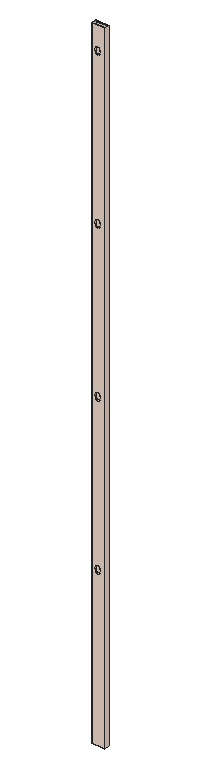
Revit family "SQ-PowerBar45100(t0.45) ", category 機械設備, Revit 2020
Family settings
  丸型コネクタ寸法 = 直径を使用
  種別 = なし
  パーツ タイプ = 標準
  作業面ベース = いいえ
  常に垂直 = はい
  ロード時にボイドで切り取り = いいえ
  共有 = いいえ
  部屋計算ポイント = いいえ
Parameters
  製造元 = "株式会社桐井製作所"
  既定の高さ = 0 mm
  振れ止め本数 [instance] = roundup(([K_長さ(mm)] - 1200 mm) * 1 / 振れ止めピッチ) * 1  # 4
  振れ止めピッチ = 1200 mm  # constant formula
  URL = "https://www.kirii.co.jp/"
  K_長さ(mm) [instance] = 5000 mm
  K_外形寸法(mm) = "45×100×0.45"
  K_品名 = "SQ-PowerBar45100(t0.45)"
  K_名称 = "スタッド"
  K_バージョン情報 = "20210714"
Reference planes
  plane 1 "中心(正面/背面)": y = 0
  plane 2: z = 0
  plane 3 "中心(左/右)": x = 0
  plane 4: x = 50
  plane 5: x = -50
  plane 6: y = 22.5
  plane 7: z = 5000
  plane 8: y = -22.5
  plane 9: z = 1200
Forms (mm)
  Extrusion 1, solid
    sketch origin (0.5, -20, 0) x (1, 0, 0) y (0, 1, 0)
      loop
        line (-50.5, 42.5) -> (-50.5, -2.5) -> (49.5, -2.5) -> (49.5, 42.5) -> (-50.5, 42.5)
      loop
        line (-50.05, 42.05) -> (-50.05, -2.05) -> (49.05, -2.05) -> (49.05, 42.05) -> (-50.05, 42.05)
    from 0 to 5000
  Extrusion 2, void
    sketch origin (0, 0, 0) x (1, 0, 0) y (0, 0, 1)
      loop
        line (-11, 1200) -> (11, 1200) -> (11, 1202.5) -> (17, 1202.5)
        arc (17, 1202.5) -> (18.637, 1203.351) -> (18.881, 1205.18) r 2
        line (18.881, 1205.18) -> (17.907, 1207.885)
        arc (17.907, 1207.885) -> (17.8, 1208.52) -> (17.921, 1209.153) r 1.817
        line (17.921, 1209.153) -> (19, 1211.955) -> (19, 1214.5) -> (20.772, 1226.411)
        arc (20.772, 1226.411) -> (19.036, 1238.367) -> (11, 1247.389) r 21
        line (11, 1247.389) -> (11, 1253) -> (-11, 1253) -> (-11, 1247.389)
        arc (-11, 1247.389) -> (-19.034, 1238.372) -> (-20.773, 1226.422) r 21
        line (-20.773, 1226.422) -> (-19, 1214.5) -> (-19, 1211.955) -> (-17.921, 1209.153)
        arc (-17.921, 1209.153) -> (-17.8, 1208.52) -> (-17.907, 1207.885) r 1.817
        line (-17.907, 1207.885) -> (-18.881, 1205.18)
        arc (-18.881, 1205.18) -> (-18.637, 1203.351) -> (-17, 1202.5) r 2
        line (-17, 1202.5) -> (-11, 1202.5) -> (-11, 1200)
    from -22.5 to 22.5
  Extrusion 3, void
    sketch origin (0, 0, 1200) x (1, 0, 0) y (0, 0, 1)
      loop
        line (-11, 1200) -> (11, 1200) -> (11, 1202.5) -> (17, 1202.5)
        arc (17, 1202.5) -> (18.637, 1203.351) -> (18.881, 1205.18) r 2
        line (18.881, 1205.18) -> (17.907, 1207.885)
        arc (17.907, 1207.885) -> (17.8, 1208.52) -> (17.921, 1209.153) r 1.817
        line (17.921, 1209.153) -> (19, 1211.955) -> (19, 1214.5) -> (20.772, 1226.411)
        arc (20.772, 1226.411) -> (19.036, 1238.367) -> (11, 1247.389) r 21
        line (11, 1247.389) -> (11, 1253) -> (-11, 1253) -> (-11, 1247.389)
        arc (-11, 1247.389) -> (-19.034, 1238.372) -> (-20.773, 1226.422) r 21
        line (-20.773, 1226.422) -> (-19, 1214.5) -> (-19, 1211.955) -> (-17.921, 1209.153)
        arc (-17.921, 1209.153) -> (-17.8, 1208.52) -> (-17.907, 1207.885) r 1.817
        line (-17.907, 1207.885) -> (-18.881, 1205.18)
        arc (-18.881, 1205.18) -> (-18.637, 1203.351) -> (-17, 1202.5) r 2
        line (-17, 1202.5) -> (-11, 1202.5) -> (-11, 1200)
    from -22.5 to 22.5
  Extrusion 4, void
    sketch origin (0, 0, 2400) x (1, 0, 0) y (0, 0, 1)
      loop
        line (-11, 1200) -> (11, 1200) -> (11, 1202.5) -> (17, 1202.5)
        arc (17, 1202.5) -> (18.637, 1203.351) -> (18.881, 1205.18) r 2
        line (18.881, 1205.18) -> (17.907, 1207.885)
        arc (17.907, 1207.885) -> (17.8, 1208.52) -> (17.921, 1209.153) r 1.817
        line (17.921, 1209.153) -> (19, 1211.955) -> (19, 1214.5) -> (20.772, 1226.411)
        arc (20.772, 1226.411) -> (19.036, 1238.367) -> (11, 1247.389) r 21
        line (11, 1247.389) -> (11, 1253) -> (-11, 1253) -> (-11, 1247.389)
        arc (-11, 1247.389) -> (-19.034, 1238.372) -> (-20.773, 1226.422) r 21
        line (-20.773, 1226.422) -> (-19, 1214.5) -> (-19, 1211.955) -> (-17.921, 1209.153)
        arc (-17.921, 1209.153) -> (-17.8, 1208.52) -> (-17.907, 1207.885) r 1.817
        line (-17.907, 1207.885) -> (-18.881, 1205.18)
        arc (-18.881, 1205.18) -> (-18.637, 1203.351) -> (-17, 1202.5) r 2
        line (-17, 1202.5) -> (-11, 1202.5) -> (-11, 1200)
    from -22.5 to 22.5
  Extrusion 5, void
    sketch origin (0, 0, 3600) x (1, 0, 0) y (0, 0, 1)
      loop
        line (-11, 1200) -> (11, 1200) -> (11, 1202.5) -> (17, 1202.5)
        arc (17, 1202.5) -> (18.637, 1203.351) -> (18.881, 1205.18) r 2
        line (18.881, 1205.18) -> (17.907, 1207.885)
        arc (17.907, 1207.885) -> (17.8, 1208.52) -> (17.921, 1209.153) r 1.817
        line (17.921, 1209.153) -> (19, 1211.955) -> (19, 1214.5) -> (20.772, 1226.411)
        arc (20.772, 1226.411) -> (19.036, 1238.367) -> (11, 1247.389) r 21
        line (11, 1247.389) -> (11, 1253) -> (-11, 1253) -> (-11, 1247.389)
        arc (-11, 1247.389) -> (-19.034, 1238.372) -> (-20.773, 1226.422) r 21
        line (-20.773, 1226.422) -> (-19, 1214.5) -> (-19, 1211.955) -> (-17.921, 1209.153)
        arc (-17.921, 1209.153) -> (-17.8, 1208.52) -> (-17.907, 1207.885) r 1.817
        line (-17.907, 1207.885) -> (-18.881, 1205.18)
        arc (-18.881, 1205.18) -> (-18.637, 1203.351) -> (-17, 1202.5) r 2
        line (-17, 1202.5) -> (-11, 1202.5) -> (-11, 1200)
    from -22.5 to 22.5
Cuts and joins
  Extrusion 2, Extrusion 3, Extrusion 4, Extrusion 5 cuts Extrusion 1
Dimensions and locks
  "K_長さ(mm)": plane 7 to level
  "振れ止めピッチ": plane 9 to plane 2
  equal spacing: group 1, group 2, group 3, group 4  (x3)
  aligned and locked: level to plane 2
  aligned and locked: Extrusion 1 sketch curve to plane 6
  aligned and locked: plane 7 to Extrusion 1
  aligned and locked: plane 6 to Extrusion 1
  aligned and locked: Extrusion 1 to plane 8
  aligned and locked: plane 4 to Extrusion 1
  aligned and locked: Extrusion 1 to plane 5
  aligned and locked: plane 4 to cut or joined group of Extrusion 1, Extrusion 2, Extrusion 3, Extrusion 4, Extrusion 5
  aligned and locked: plane 5 to cut or joined group of Extrusion 1, Extrusion 2, Extrusion 3, Extrusion 4, Extrusion 5
  aligned and locked: plane 8 to cut or joined group of Extrusion 1, Extrusion 2, Extrusion 3, Extrusion 4, Extrusion 5
  aligned and locked: cut or joined group of Extrusion 1, Extrusion 2, Extrusion 3, Extrusion 4, Extrusion 5 to plane 9
Automatic sketch dimensions
  Extrusion 1 sketch curve to plane 5 = 0 mm
  Extrusion 1 sketch curve to plane 4 = 0 mm
  Extrusion 1 sketch curve to plane 8 = 0 mm
  plane 5 to Extrusion 1 sketch curve = 0.45 mm
  Extrusion 1 sketch curve to plane 4 = 0.45 mm
  plane 8 to Extrusion 1 sketch curve = 0.45 mm
  Extrusion 1 sketch curve to plane 6 = 0.45 mm
  Extrusion 2 sketch curve to Extrusion 2 sketch curve = 0 mm  (x4)
  Extrusion 2 sketch curve to Extrusion 2 sketch curve = 1.156 mm
  Extrusion 2 sketch curve to Extrusion 2 sketch curve = 0.617 mm
  Extrusion 2 sketch curve to Extrusion 2 sketch curve = 0.736 mm
  Extrusion 2 sketch curve to Extrusion 2 sketch curve = 1.695 mm  (x2)
  Extrusion 2 sketch curve to Extrusion 2 sketch curve = 0.014 mm  (x2)
  Extrusion 2 sketch curve to Extrusion 2 sketch curve = 1.881 mm  (x2)
  Extrusion 2 sketch curve to Extrusion 2 sketch curve = 9.773 mm
  Extrusion 2 sketch curve to Extrusion 2 sketch curve = 6 mm  (x2)
  Extrusion 2 sketch curve to Extrusion 2 sketch curve = 11 mm
  Extrusion 2 sketch curve to Extrusion 2 sketch curve = 22 mm  (x2)
  Extrusion 2 sketch curve to Extrusion 2 sketch curve = 0.907 mm
  Extrusion 2 sketch curve to Extrusion 2 sketch curve = 1.079 mm
  Extrusion 2 sketch curve to Extrusion 2 sketch curve = 2.5 mm  (x2)
  Extrusion 2 sketch curve to Extrusion 2 sketch curve = 2 mm  (x2)
  Extrusion 2 sketch curve to Extrusion 2 sketch curve = 2.705 mm  (x2)
  Extrusion 2 sketch curve to Extrusion 2 sketch curve = 0.615 mm  (x2)
  Extrusion 2 sketch curve to Extrusion 2 sketch curve = 2.803 mm  (x2)
  Extrusion 2 sketch curve to Extrusion 2 sketch curve = 2.545 mm  (x2)
  Extrusion 2 sketch curve to Extrusion 2 sketch curve = 11.922 mm
  Extrusion 2 sketch curve to Extrusion 2 sketch curve = 3.078 mm
  Extrusion 2 sketch curve to Extrusion 2 sketch curve = 17.889 mm
  Extrusion 2 sketch curve to Extrusion 2 sketch curve = 5.611 mm
  Extrusion 2 sketch curve to Extrusion 2 sketch curve = 1.772 mm
  Extrusion 3 sketch curve to Extrusion 3 sketch curve = 0 mm  (x4)
  Extrusion 3 sketch curve to Extrusion 3 sketch curve = 1.156 mm
  Extrusion 3 sketch curve to Extrusion 3 sketch curve = 0.617 mm
  Extrusion 3 sketch curve to Extrusion 3 sketch curve = 0.736 mm
  Extrusion 3 sketch curve to Extrusion 3 sketch curve = 1.695 mm  (x2)
  Extrusion 3 sketch curve to Extrusion 3 sketch curve = 0.014 mm  (x2)
  Extrusion 3 sketch curve to Extrusion 3 sketch curve = 1.881 mm  (x2)
  Extrusion 3 sketch curve to Extrusion 3 sketch curve = 9.773 mm
  Extrusion 3 sketch curve to Extrusion 3 sketch curve = 6 mm  (x2)
  Extrusion 3 sketch curve to Extrusion 3 sketch curve = 11 mm
  Extrusion 3 sketch curve to Extrusion 3 sketch curve = 22 mm  (x2)
  Extrusion 3 sketch curve to Extrusion 3 sketch curve = 0.907 mm
  Extrusion 3 sketch curve to Extrusion 3 sketch curve = 1.079 mm
  Extrusion 3 sketch curve to Extrusion 3 sketch curve = 2.5 mm  (x2)
  Extrusion 3 sketch curve to Extrusion 3 sketch curve = 2 mm  (x2)
  Extrusion 3 sketch curve to Extrusion 3 sketch curve = 2.705 mm  (x2)
  Extrusion 3 sketch curve to Extrusion 3 sketch curve = 0.615 mm  (x2)
  Extrusion 3 sketch curve to Extrusion 3 sketch curve = 2.803 mm  (x2)
  Extrusion 3 sketch curve to Extrusion 3 sketch curve = 2.545 mm  (x2)
  Extrusion 3 sketch curve to Extrusion 3 sketch curve = 11.922 mm
  Extrusion 3 sketch curve to Extrusion 3 sketch curve = 3.078 mm
  Extrusion 3 sketch curve to Extrusion 3 sketch curve = 17.889 mm
  Extrusion 3 sketch curve to Extrusion 3 sketch curve = 5.611 mm
  Extrusion 3 sketch curve to Extrusion 3 sketch curve = 1.772 mm
  Extrusion 4 sketch curve to Extrusion 4 sketch curve = 0 mm  (x4)
  Extrusion 4 sketch curve to Extrusion 4 sketch curve = 1.156 mm
  Extrusion 4 sketch curve to Extrusion 4 sketch curve = 0.617 mm
  Extrusion 4 sketch curve to Extrusion 4 sketch curve = 0.736 mm
  Extrusion 4 sketch curve to Extrusion 4 sketch curve = 1.695 mm  (x2)
  Extrusion 4 sketch curve to Extrusion 4 sketch curve = 0.014 mm  (x2)
  Extrusion 4 sketch curve to Extrusion 4 sketch curve = 1.881 mm  (x2)
  Extrusion 4 sketch curve to Extrusion 4 sketch curve = 9.773 mm
  Extrusion 4 sketch curve to Extrusion 4 sketch curve = 6 mm  (x2)
  Extrusion 4 sketch curve to Extrusion 4 sketch curve = 11 mm
  Extrusion 4 sketch curve to Extrusion 4 sketch curve = 22 mm  (x2)
  Extrusion 4 sketch curve to Extrusion 4 sketch curve = 0.907 mm
  Extrusion 4 sketch curve to Extrusion 4 sketch curve = 1.079 mm
  Extrusion 4 sketch curve to Extrusion 4 sketch curve = 2.5 mm  (x2)
  Extrusion 4 sketch curve to Extrusion 4 sketch curve = 2 mm  (x2)
  Extrusion 4 sketch curve to Extrusion 4 sketch curve = 2.705 mm  (x2)
  Extrusion 4 sketch curve to Extrusion 4 sketch curve = 0.615 mm  (x2)
  Extrusion 4 sketch curve to Extrusion 4 sketch curve = 2.803 mm  (x2)
  Extrusion 4 sketch curve to Extrusion 4 sketch curve = 2.545 mm  (x2)
  Extrusion 4 sketch curve to Extrusion 4 sketch curve = 11.922 mm
  Extrusion 4 sketch curve to Extrusion 4 sketch curve = 3.078 mm
  Extrusion 4 sketch curve to Extrusion 4 sketch curve = 17.889 mm
  Extrusion 4 sketch curve to Extrusion 4 sketch curve = 5.611 mm
  Extrusion 4 sketch curve to Extrusion 4 sketch curve = 1.772 mm
  Extrusion 5 sketch curve to Extrusion 5 sketch curve = 0 mm  (x4)
  Extrusion 5 sketch curve to Extrusion 5 sketch curve = 1.156 mm
  Extrusion 5 sketch curve to Extrusion 5 sketch curve = 0.617 mm
  Extrusion 5 sketch curve to Extrusion 5 sketch curve = 0.736 mm
  Extrusion 5 sketch curve to Extrusion 5 sketch curve = 1.695 mm  (x2)
  Extrusion 5 sketch curve to Extrusion 5 sketch curve = 0.014 mm  (x2)
  Extrusion 5 sketch curve to Extrusion 5 sketch curve = 1.881 mm  (x2)
  Extrusion 5 sketch curve to Extrusion 5 sketch curve = 9.773 mm
  Extrusion 5 sketch curve to Extrusion 5 sketch curve = 6 mm  (x2)
  Extrusion 5 sketch curve to Extrusion 5 sketch curve = 11 mm
  Extrusion 5 sketch curve to Extrusion 5 sketch curve = 22 mm  (x2)
  Extrusion 5 sketch curve to Extrusion 5 sketch curve = 0.907 mm
  Extrusion 5 sketch curve to Extrusion 5 sketch curve = 1.079 mm
  Extrusion 5 sketch curve to Extrusion 5 sketch curve = 2.5 mm  (x2)
  Extrusion 5 sketch curve to Extrusion 5 sketch curve = 2 mm  (x2)
  Extrusion 5 sketch curve to Extrusion 5 sketch curve = 2.705 mm  (x2)
  Extrusion 5 sketch curve to Extrusion 5 sketch curve = 0.615 mm  (x2)
  Extrusion 5 sketch curve to Extrusion 5 sketch curve = 2.803 mm  (x2)
  Extrusion 5 sketch curve to Extrusion 5 sketch curve = 2.545 mm  (x2)
  Extrusion 5 sketch curve to Extrusion 5 sketch curve = 11.922 mm
  Extrusion 5 sketch curve to Extrusion 5 sketch curve = 3.078 mm
  Extrusion 5 sketch curve to Extrusion 5 sketch curve = 17.889 mm
  Extrusion 5 sketch curve to Extrusion 5 sketch curve = 5.611 mm
  Extrusion 5 sketch curve to Extrusion 5 sketch curve = 1.772 mm
